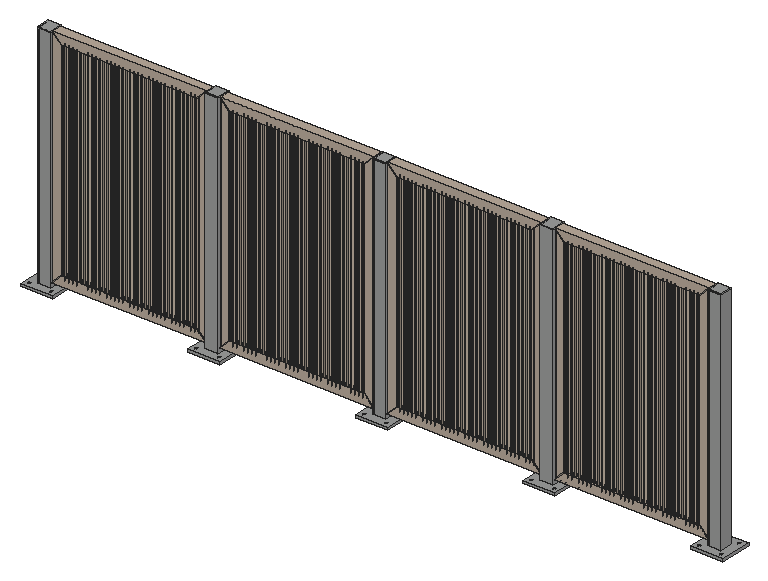
Revit family "Palmshield-Achilles-Louver-Array", category Specialty Equipment, Revit 2025
Family settings
  Round Connector Dimension = Use Diameter
  Part Type = Normal
  OmniClass Number = 23.55.00.00
  OmniClass Title = Manufactured Structures
  Enable Cutting in Views = No
  Cut with Voids When Loaded = No
  Maintain Annotation Orientation = No
  Shared = No
  Room Calculation Point = No
Parameters (values of type "Assembly")
  Warranty URL = "https://palmshieldlouvers.com/wp-content/uploads/2020/01/PalmSHIELD-Warranty-NO-SIGN-LINE.pdf"
  Version = "2020 - v1.0a"  # constant formula
  URL = "https://palmshieldlouvers.com/"
  Type Comments = ""
  Start Post [instance] = yes
  Product Page URL = "https://palmshieldlouvers.com/products/augustus-solid/"
  Product Documentation Link = "https://palmshieldlouvers.com/wp-content/uploads/2020/05/PalmSHIELD-Solid-Composite-Technical-Data-Sheet.pdf"
  Post Finish = Metal - PalmSHIELD - Dusty Grey
  Panel Width [instance] = if(Desired Panel Width > C Max Panel Width, C Max Panel Width, if(Desired Panel Width < C Min Panel Width, C Min Panel Width, Desired Panel Width))  # 4' - 0"
  Panel Height [instance] = if(Desired Panel Height > C Max Panel Height, C Max Panel Height, if(Desired Panel Height < C Min Panel Height, C Min Panel Height, Desired Panel Height))  # 6' - 0"
  Model = "Augustus - Aluminum"  # constant formula
  Manufacturer Phone Number = "531-329-4406 "  # constant formula
  Manufacturer Email = "mailto: info@palmshieldlouvers.com"
  Manufacturer Address = "12330 Cary Circle, La Vista, NE 68128"  # constant formula
  Manufacturer = "PalmSHIELD"  # constant formula
  Louver Finsh = Metal - PalmSHIELD - Grey Beige
  Keynote = "05 10 00"
  Instruction Sheet Link = "https://palmshieldlouvers.com/wp-content/uploads/2020/01/PalmSHIELD-Post-Panel-Gate-Installation-Instructions-REV-1.pdf"
  ID [instance] = "Not Assigned"
  Frame Finish = Metal - PalmSHIELD - Dusty Grey
  Filler Panel [instance] = yes
  End Post [instance] = yes
  Desired Panel Width [instance] = 4' - 0"
  Desired Panel Height [instance] = 6' - 0"
  Real Length [instance] = if(system length 1 < (C Post Width + C Min Panel Width), (C Post Width + C Min Panel Width), system length 1)  # 17' - 4"
  Description = "Augustus - Aluminum - Panel Assembly"  # constant formula
  system length 1 [instance] = 17' - 4"
  Copyright = "Copyright ©2024 The American Fence Company and PalmSHIELD. All Rights Reserved."  # constant formula
  Component Name [instance] = "Augustus - Aluminum - Panel Assembly"  # constant formula
  C Single Post [instance] = if(C Condition Double, 1 = 1, if(and(End Post, C Condition Single), 1 = 1, 1 = 0))  # no
  C Single Panel [instance] = or(C Condition Double, C Condition Single)  # no
  C Post Width [instance] = 0' - 4"  # constant formula
  C Multiple Post [instance] = (C Condition Multiple)  # yes
  C Multiple Panels [instance] = (C Condition Multiple)  # yes
  C Min Panel Width [instance] = 4' - 0"  # constant formula
  C Min Panel Height [instance] = C Min Panel Width  # 4' - 0"
  C Max Panel Width [instance] = 5' - 0"  # constant formula
  C Max Panel Height [instance] = 8' - 0"  # constant formula
  C Filler Post [instance] = and(not(C Condition Single), Filler Panel, End Post, or(C Filler Panel Width = C Min Panel Width, C Filler Panel Width > C Min Panel Width))  # yes
  C Filler Panel Width Calculated [instance] = Real Length - C Calculated Total Length - Panel Width - C Post Width  # 4' - 0"
  C Filler Panel Width [instance] = if(C Filler Panel Width Calculated < C Min Panel Width, C Min Panel Width, if(C Filler Panel Width Calculated > C Max Panel Width, C Max Panel Width, C Filler Panel Width Calculated))  # 4' - 0"
  C Filler Panel [instance] = and(not(C Condition Single), Filler Panel, or(C Filler Panel Width = C Min Panel Width, C Filler Panel Width > C Min Panel Width))  # yes
  C Condition Single [instance] = C Array Count < 1  # no
  C Condition Multiple [instance] = C Array Count > 1  # yes
  C Condition Double [instance] = C Array Count = 1  # no
  C Complete Post [instance] = and(not(C Condition Single), not(Filler Panel), End Post)  # no
  C Complete Panel [instance] = and(not(C Condition Single), not(Filler Panel))  # no
  C Calculated Total Length [instance] = if(C Array Count < 1, 0' 0", if(C Array Count = 1, C Post Width, Panel Width * (C Array Safe - 1) + C Post Width * (C Array Safe)))  # 9' - 0"
  C Calculated Filler Panel Length [instance] = if(C Array Count < 1, 0' 0", if(or(C Array Count = 2, C Array Count = 1), C Post Width, if(Filler Panel, (C Calculated Total Length - C Post Width - C Filler Panel Width), (C Calculated Total Length - C Post Width - Panel Width))))  # 4' - 8"
  C Array Safe [instance] = if(C Array Count < 2, 2, C Array Count)  # 3
  C Array Count [instance] = if(Filler Panel, roundup(((Real Length - C Min Panel Width) / (Panel Width + C Post Width)) - 1), roundup(((Real Length - (Panel Width)) / (Panel Width + C Post Width)) - 1))  # 3
  Assembly Code = "F1020100"
Reference planes (in)
  plane 1 "Center (Front/Back)": y = 0
  plane 2: z = 0
  plane 3 "Left": x = 0
  plane 4 "Right": x = 208
  plane 5 "Top": z = 72
  plane 6: x = 48
  plane 7: x = 52
  plane 8: x = 100
  plane 9: x = 104
  plane 10: x = -4
  plane 11: x = 156
  plane 12: x = 52
  plane 13: x = 204
  plane 14: x = 204
  plane 15: x = -2
  plane 16: x = 208
  plane 17: x = 206
  plane 18: x = 206
  plane 19: x = 208
  plane 20: x = 50
  plane 21: x = 102
  plane 22: y = -2
  plane 23: y = 2
Lines and regions (in)
  reference lines
    curve 1: line (0, 0, 0) -> (208, 0, 0)
Dimensions and locks (in)
  "system length 1": plane 3 "Left" to plane 4 "Right"
  "Panel Width": plane 6 to plane 3 "Left"
  "C Post Width": plane 7 to plane 6
  "Panel Width": plane 8 to plane 7
  "C Post Width": plane 9 to plane 8
  "C Post Width": plane 3 "Left" to plane 10
  "C Calculated Filler Panel Length": plane 12 to plane 10
  "C Filler Panel Width": plane 13 to plane 11
  "Panel Width": plane 14 to plane 11
  "C Calculated Total Length": plane 11 to plane 6
  equal spacing: plane 10, plane 15, plane 3 "Left"
  equal spacing: plane 16, plane 17, plane 13
  "C Post Width": plane 16 to plane 13
  equal spacing: plane 19, plane 18, plane 14
  "C Post Width": plane 19 to plane 14
  equal spacing: plane 9, plane 21, plane 8
  equal spacing: plane 7, plane 20, plane 6
  equal spacing: plane 22, plane 1 "Center (Front/Back)", plane 23
  "C Post Width": plane 22 to plane 23
  "Panel Height": plane 5 "Top" to level
  equal spacing: group 1, group 2, group 5  (x3)
  equal spacing: group 3, group 4, group 6  (x3)
  aligned and locked: plane 4 "Right" to curve 1
  aligned and locked: plane 1 "Center (Front/Back)" to curve 1
  aligned and locked: plane 3 "Left" to curve 1
  aligned and locked: level to plane 2
  aligned and locked: plane 15 to nested 1
  aligned and locked: nested 1 to plane 1 "Center (Front/Back)"
  aligned and locked: plane 3 "Left" to nested 2
  aligned and locked: nested 3 to plane 13
  aligned and locked: nested 4 to plane 14
  aligned and locked: plane 1 "Center (Front/Back)" to nested 6
  aligned and locked: plane 1 "Center (Front/Back)" to nested 5
  aligned and locked: plane 1 "Center (Front/Back)" to nested 8
  aligned and locked: plane 1 "Center (Front/Back)" to nested 9
  aligned and locked: plane 17 to nested 6
  aligned and locked: plane 18 to nested 5
  aligned and locked: plane 20 to nested 8
  aligned and locked: plane 3 "Left" to nested 7
  aligned and locked: plane 22 to nested 4
  aligned and locked: nested 2 to plane 22
  aligned and locked: plane 20 to nested 9
  aligned and locked: plane 21 to nested 13
  aligned and locked: plane 1 "Center (Front/Back)" to nested 13
  aligned and locked: nested 7 to plane 1 "Center (Front/Back)"
  aligned and locked: nested 3 to plane 1 "Center (Front/Back)"
  aligned and locked: plane 7 to nested 14
  aligned and locked: nested 14 to plane 1 "Center (Front/Back)"
Nested families (in)
  nested 1: "Screening-Louver-Assembly-Post-Palmshield-Achilles" at (-2, 0, 0), Desired Overall Height <- "Panel Height", visible <- "Start Post", Component Vis <- "Start Post", ID <- "ID", type "Assembly"
    with ID "Not Assigned", Height 6' - 0", Desired Overall Height 6' - 0", Component Vis yes, Component Name "Achilles - Square Post", C Min Height 3' - 4", C Max Height 8' - 0"
  nested 2: "Screening-Louver-Assembly-Panel-Palmshield-Achilles" at (0, -2, 0), Desired Overall Height <- "Panel Height", Desired Overall Width <- "Panel Width", visible <- "C Single Panel", Component Vis <- "C Single Panel", ID <- "ID", type ""
    with Width 4' - 0", ID "Not Assigned", Height 6' - 0", Desired Overall Width 4' - 0", Desired Overall Height 6' - 0", Desired Bottom Angle 0.00°, Component Vis no, Component Name "Achilles - Panel Assembly", C Min Width 4' - 0", C Min Height 4' - 0", C Max Width 5' - 0", C Max Height 12' - 0", C Angle 0.00°
  nested 3: "Screening-Louver-Assembly-Panel-Palmshield-Achilles" at (156, -1.5, 0), Desired Overall Height <- "Panel Height", Desired Overall Width <- "C Filler Panel Width", visible <- "C Filler Panel", Component Vis <- "C Filler Panel", ID <- "ID", type "Assembly"
    with Width 4' - 0", ID "Not Assigned", Height 6' - 0", Desired Overall Width 4' - 0", Desired Overall Height 6' - 0", Desired Bottom Angle 0.00°, Component Vis yes, Component Name "Achilles - Panel Assembly", C Min Width 4' - 0", C Min Height 4' - 0", C Max Width 5' - 0", C Max Height 12' - 0", C Angle 0.00°
  nested 4: "Screening-Louver-Assembly-Panel-Palmshield-Achilles" at (156, -2, 0), Desired Overall Height <- "Panel Height", Desired Overall Width <- "Panel Width", visible <- "C Complete Panel", Component Vis <- "C Complete Panel", ID <- "ID", type ""
    with Width 4' - 0", ID "Not Assigned", Height 6' - 0", Desired Overall Width 4' - 0", Desired Overall Height 6' - 0", Desired Bottom Angle 0.00°, Component Vis no, Component Name "Achilles - Panel Assembly", C Min Width 4' - 0", C Min Height 4' - 0", C Max Width 5' - 0", C Max Height 12' - 0", C Angle 0.00°
  nested 5: "Screening-Louver-Assembly-Post-Palmshield-Achilles" at (206, 0, 0), Desired Overall Height <- "Panel Height", visible <- "C Complete Post", Component Vis <- "C Complete Post", ID <- "ID", type ""
    with ID "Not Assigned", Height 6' - 0", Desired Overall Height 6' - 0", Component Vis no, Component Name "Achilles - Square Post", C Min Height 3' - 4", C Max Height 8' - 0"
  nested 6: "Screening-Louver-Assembly-Post-Palmshield-Achilles" at (206, 0, 0), Desired Overall Height <- "Panel Height", visible <- "C Filler Post", Component Vis <- "C Filler Post", ID <- "ID", type "Assembly"
    with ID "Not Assigned", Height 6' - 0", Desired Overall Height 6' - 0", Component Vis yes, Component Name "Achilles - Square Post", C Min Height 3' - 4", C Max Height 8' - 0"
  nested 7: "Screening-Louver-Assembly-Panel-Palmshield-Achilles" at (0, -1.5, 0), Desired Overall Height <- "Panel Height", Desired Overall Width <- "Panel Width", visible <- "C Multiple Panels", Component Vis <- "C Multiple Panels", ID <- "ID", type "Assembly"
    with Width 4' - 0", ID "Not Assigned", Height 6' - 0", Desired Overall Width 4' - 0", Desired Overall Height 6' - 0", Desired Bottom Angle 0.00°, Component Vis yes, Component Name "Achilles - Panel Assembly", C Min Width 4' - 0", C Min Height 4' - 0", C Max Width 5' - 0", C Max Height 12' - 0", C Angle 0.00°
  nested 8: "Screening-Louver-Assembly-Post-Palmshield-Achilles" at (50, 0, 0), Desired Overall Height <- "Panel Height", visible <- "C Multiple Post", Component Vis <- "C Multiple Post", ID <- "ID", type "Assembly"
    with ID "Not Assigned", Height 6' - 0", Desired Overall Height 6' - 0", Component Vis yes, Component Name "Achilles - Square Post", C Min Height 3' - 4", C Max Height 8' - 0"
  nested 9: "Screening-Louver-Assembly-Post-Palmshield-Achilles" at (50, 0, 0), Desired Overall Height <- "Panel Height", visible <- "C Single Post", Component Vis <- "C Single Post", ID <- "ID", type ""
    with ID "Not Assigned", Height 6' - 0", Desired Overall Height 6' - 0", Component Vis no, Component Name "Achilles - Square Post", C Min Height 3' - 4", C Max Height 8' - 0"
  nested 10: "Nested-Base_Plate-Palmshield-Achilles" at (-2, 0, 0), type ""
    with Material Metal - PalmSHIELD - Dusty Grey, ID "Not Assigned", Component Name "Achilles - Aluminum - Base Plate"
  nested 11: "Nested-Square_Post-Palmshield-Achilles" at (-2, 0, 0.75), type ""
    with Material Metal - PalmSHIELD - Dusty Grey, Length 5' - 11", ID "Not Assigned", Component Name "Achilles - Aluminum - Square Post"
  nested 12: "Nested-Top_Cap-Palmshield-Achilles" at (-2, 0, 71.75), type ""
    with Material Metal - PalmSHIELD - Dusty Grey, ID "Not Assigned", Component Name "Achilles - Aluminum - Square Top Cap"
  nested 13: "Screening-Louver-Assembly-Post-Palmshield-Achilles" at (102, 0, 0), Desired Overall Height <- "Panel Height", visible <- "C Multiple Post", Component Vis <- "C Multiple Post", ID <- "ID", type "Assembly"
    with ID "Not Assigned", Height 6' - 0", Desired Overall Height 6' - 0", Component Vis yes, Component Name "Achilles - Square Post", C Min Height 3' - 4", C Max Height 8' - 0"
  nested 14: "Screening-Louver-Assembly-Panel-Palmshield-Achilles" at (52, -1.5, 0), Desired Overall Height <- "Panel Height", Desired Overall Width <- "Panel Width", visible <- "C Multiple Panels", Component Vis <- "C Multiple Panels", ID <- "ID", type "Assembly"
    with Width 4' - 0", ID "Not Assigned", Height 6' - 0", Desired Overall Width 4' - 0", Desired Overall Height 6' - 0", Desired Bottom Angle 0.00°, Component Vis yes, Component Name "Achilles - Panel Assembly", C Min Width 4' - 0", C Min Height 4' - 0", C Max Width 5' - 0", C Max Height 12' - 0", C Angle 0.00°
  nested 15: "Nested-L_Frame-Palmshield-Achilles" at (156, -1.5, 72) x (0, 1, 0) z (1, 0, 0), type ""
    with Material Metal - PalmSHIELD - Grey Beige, Length 5' - 10", ID "Not Assigned", Component Name "Achilles - Aluminum - L Frame", B-Side Cut Angle 45.00°, A-Side Cut Angle 45.00°
  nested 16: "Nested-L_Frame-Palmshield-Achilles" at (204, -1.5, 2) x (0, 1, 0) z (-1, 0, 0), type ""
    with Material Metal - PalmSHIELD - Grey Beige, Length 5' - 10", ID "Not Assigned", Component Name "Achilles - Aluminum - L Frame", B-Side Cut Angle 45.00°, A-Side Cut Angle 45.00°
  nested 17: "Nested-L_Frame-Palmshield-Achilles" at (204, -1.5, 72) x (0, 1, 0) z (0, 0, -1), type ""
    with Material Metal - PalmSHIELD - Grey Beige, Length 4' - 0", ID "Not Assigned", Component Name "Achilles - Aluminum - L Frame", B-Side Cut Angle 45.00°, A-Side Cut Angle 45.00°
  nested 18: "Nested-L_Frame-Palmshield-Achilles" at (156, -1.5, 2) x (0, 1, 0) z (0, 0, 1), type ""
    with Material Metal - PalmSHIELD - Grey Beige, Length 4' - 0", ID "Not Assigned", Component Name "Achilles - Aluminum - L Frame", B-Side Cut Angle 45.00°, A-Side Cut Angle 45.00°
  nested 19: "Nested-Louvers-Palmshield-Achilles" at (159.7753, -0.01256, 3.625), type ""
    with Material Metal - PalmSHIELD - Grey Beige, Length 5' - 6 3/4", ID "", Component Name "Achilles - Aluminum - Vertical Louver"
  nested 20: "Nested-Louvers-Palmshield-Achilles" at (160.96076, -0.01256, 3.625), type ""
    with Material Metal - PalmSHIELD - Grey Beige, Length 5' - 6 3/4", ID "", Component Name "Achilles - Aluminum - Vertical Louver"
  nested 21: "Nested-Louvers-Palmshield-Achilles" at (162.14621, -0.01256, 3.625), type ""
    with Material Metal - PalmSHIELD - Grey Beige, Length 5' - 6 3/4", ID "", Component Name "Achilles - Aluminum - Vertical Louver"
  nested 22: "Nested-Louvers-Palmshield-Achilles" at (163.33167, -0.01256, 3.625), type ""
    with Material Metal - PalmSHIELD - Grey Beige, Length 5' - 6 3/4", ID "", Component Name "Achilles - Aluminum - Vertical Louver"
  nested 23: "Nested-Louvers-Palmshield-Achilles" at (164.51712, -0.01256, 3.625), type ""
    with Material Metal - PalmSHIELD - Grey Beige, Length 5' - 6 3/4", ID "", Component Name "Achilles - Aluminum - Vertical Louver"
  nested 24: "Nested-Louvers-Palmshield-Achilles" at (165.70258, -0.01256, 3.625), type ""
    with Material Metal - PalmSHIELD - Grey Beige, Length 5' - 6 3/4", ID "", Component Name "Achilles - Aluminum - Vertical Louver"
  nested 25: "Nested-Louvers-Palmshield-Achilles" at (166.88803, -0.01256, 3.625), type ""
    with Material Metal - PalmSHIELD - Grey Beige, Length 5' - 6 3/4", ID "", Component Name "Achilles - Aluminum - Vertical Louver"
  nested 26: "Nested-Louvers-Palmshield-Achilles" at (168.07349, -0.01256, 3.625), type ""
    with Material Metal - PalmSHIELD - Grey Beige, Length 5' - 6 3/4", ID "", Component Name "Achilles - Aluminum - Vertical Louver"
  nested 27: "Nested-Louvers-Palmshield-Achilles" at (169.25895, -0.01256, 3.625), type ""
    with Material Metal - PalmSHIELD - Grey Beige, Length 5' - 6 3/4", ID "", Component Name "Achilles - Aluminum - Vertical Louver"
  nested 28: "Nested-Louvers-Palmshield-Achilles" at (170.4444, -0.01256, 3.625), type ""
    with Material Metal - PalmSHIELD - Grey Beige, Length 5' - 6 3/4", ID "", Component Name "Achilles - Aluminum - Vertical Louver"
  nested 29: "Nested-Louvers-Palmshield-Achilles" at (171.62986, -0.01256, 3.625), type ""
    with Material Metal - PalmSHIELD - Grey Beige, Length 5' - 6 3/4", ID "", Component Name "Achilles - Aluminum - Vertical Louver"
  nested 30: "Nested-Louvers-Palmshield-Achilles" at (172.81531, -0.01256, 3.625), type ""
    with Material Metal - PalmSHIELD - Grey Beige, Length 5' - 6 3/4", ID "", Component Name "Achilles - Aluminum - Vertical Louver"
  nested 31: "Nested-Louvers-Palmshield-Achilles" at (174.00077, -0.01256, 3.625), type ""
    with Material Metal - PalmSHIELD - Grey Beige, Length 5' - 6 3/4", ID "", Component Name "Achilles - Aluminum - Vertical Louver"
  nested 32: "Nested-Louvers-Palmshield-Achilles" at (175.18622, -0.01256, 3.625), type ""
    with Material Metal - PalmSHIELD - Grey Beige, Length 5' - 6 3/4", ID "", Component Name "Achilles - Aluminum - Vertical Louver"
  nested 33: "Nested-Louvers-Palmshield-Achilles" at (176.37168, -0.01256, 3.625), type ""
    with Material Metal - PalmSHIELD - Grey Beige, Length 5' - 6 3/4", ID "", Component Name "Achilles - Aluminum - Vertical Louver"
  nested 34: "Nested-Louvers-Palmshield-Achilles" at (177.55714, -0.01256, 3.625), type ""
    with Material Metal - PalmSHIELD - Grey Beige, Length 5' - 6 3/4", ID "", Component Name "Achilles - Aluminum - Vertical Louver"
  nested 35: "Nested-Louvers-Palmshield-Achilles" at (178.74259, -0.01256, 3.625), type ""
    with Material Metal - PalmSHIELD - Grey Beige, Length 5' - 6 3/4", ID "", Component Name "Achilles - Aluminum - Vertical Louver"
  nested 36: "Nested-Louvers-Palmshield-Achilles" at (179.92805, -0.01256, 3.625), type ""
    with Material Metal - PalmSHIELD - Grey Beige, Length 5' - 6 3/4", ID "", Component Name "Achilles - Aluminum - Vertical Louver"
  nested 37: "Nested-Louvers-Palmshield-Achilles" at (181.1135, -0.01256, 3.625), type ""
    with Material Metal - PalmSHIELD - Grey Beige, Length 5' - 6 3/4", ID "", Component Name "Achilles - Aluminum - Vertical Louver"
  nested 38: "Nested-Louvers-Palmshield-Achilles" at (182.29896, -0.01256, 3.625), type ""
    with Material Metal - PalmSHIELD - Grey Beige, Length 5' - 6 3/4", ID "", Component Name "Achilles - Aluminum - Vertical Louver"
  nested 39: "Nested-Louvers-Palmshield-Achilles" at (183.48441, -0.01256, 3.625), type ""
    with Material Metal - PalmSHIELD - Grey Beige, Length 5' - 6 3/4", ID "", Component Name "Achilles - Aluminum - Vertical Louver"
  nested 40: "Nested-Louvers-Palmshield-Achilles" at (184.66987, -0.01256, 3.625), type ""
    with Material Metal - PalmSHIELD - Grey Beige, Length 5' - 6 3/4", ID "", Component Name "Achilles - Aluminum - Vertical Louver"
  nested 41: "Nested-Louvers-Palmshield-Achilles" at (185.85533, -0.01256, 3.625), type ""
    with Material Metal - PalmSHIELD - Grey Beige, Length 5' - 6 3/4", ID "", Component Name "Achilles - Aluminum - Vertical Louver"
  nested 42: "Nested-Louvers-Palmshield-Achilles" at (187.04078, -0.01256, 3.625), type ""
    with Material Metal - PalmSHIELD - Grey Beige, Length 5' - 6 3/4", ID "", Component Name "Achilles - Aluminum - Vertical Louver"
  nested 43: "Nested-Louvers-Palmshield-Achilles" at (188.22624, -0.01256, 3.625), type ""
    with Material Metal - PalmSHIELD - Grey Beige, Length 5' - 6 3/4", ID "", Component Name "Achilles - Aluminum - Vertical Louver"
  nested 44: "Nested-Louvers-Palmshield-Achilles" at (189.41169, -0.01256, 3.625), type ""
    with Material Metal - PalmSHIELD - Grey Beige, Length 5' - 6 3/4", ID "", Component Name "Achilles - Aluminum - Vertical Louver"
  nested 45: "Nested-Louvers-Palmshield-Achilles" at (190.59715, -0.01256, 3.625), type ""
    with Material Metal - PalmSHIELD - Grey Beige, Length 5' - 6 3/4", ID "", Component Name "Achilles - Aluminum - Vertical Louver"
  nested 46: "Nested-Louvers-Palmshield-Achilles" at (191.78261, -0.01256, 3.625), type ""
    with Material Metal - PalmSHIELD - Grey Beige, Length 5' - 6 3/4", ID "", Component Name "Achilles - Aluminum - Vertical Louver"
  nested 47: "Nested-Louvers-Palmshield-Achilles" at (192.96806, -0.01256, 3.625), type ""
    with Material Metal - PalmSHIELD - Grey Beige, Length 5' - 6 3/4", ID "", Component Name "Achilles - Aluminum - Vertical Louver"
  nested 48: "Nested-Louvers-Palmshield-Achilles" at (194.15352, -0.01256, 3.625), type ""
    with Material Metal - PalmSHIELD - Grey Beige, Length 5' - 6 3/4", ID "", Component Name "Achilles - Aluminum - Vertical Louver"
  nested 49: "Nested-Louvers-Palmshield-Achilles" at (195.33897, -0.01256, 3.625), type ""
    with Material Metal - PalmSHIELD - Grey Beige, Length 5' - 6 3/4", ID "", Component Name "Achilles - Aluminum - Vertical Louver"
  nested 50: "Nested-Louvers-Palmshield-Achilles" at (196.52443, -0.01256, 3.625), type ""
    with Material Metal - PalmSHIELD - Grey Beige, Length 5' - 6 3/4", ID "", Component Name "Achilles - Aluminum - Vertical Louver"
  nested 51: "Nested-Louvers-Palmshield-Achilles" at (197.70988, -0.01256, 3.625), type ""
    with Material Metal - PalmSHIELD - Grey Beige, Length 5' - 6 3/4", ID "", Component Name "Achilles - Aluminum - Vertical Louver"
  nested 52: "Nested-Louvers-Palmshield-Achilles" at (198.89534, -0.01256, 3.625), type ""
    with Material Metal - PalmSHIELD - Grey Beige, Length 5' - 6 3/4", ID "", Component Name "Achilles - Aluminum - Vertical Louver"
  nested 53: "Nested-Louvers-Palmshield-Achilles" at (158.58984, -0.01256, 3.625), type ""
    with Material Metal - PalmSHIELD - Grey Beige, Length 5' - 6 3/4", ID "", Component Name "Achilles - Aluminum - Vertical Louver"
  nested 54: "Nested-Louvers-Palmshield-Achilles" at (200.0808, -0.01256, 3.625), type ""
    with Material Metal - PalmSHIELD - Grey Beige, Length 5' - 6 3/4", ID "", Component Name "Achilles - Aluminum - Vertical Louver"
  nested 55: "Nested-Base_Plate-Palmshield-Achilles" at (206, 0, 0), type ""
    with Material Metal - PalmSHIELD - Dusty Grey, ID "Not Assigned", Component Name "Achilles - Aluminum - Base Plate"
  nested 56: "Nested-Square_Post-Palmshield-Achilles" at (206, 0, 0.75), type ""
    with Material Metal - PalmSHIELD - Dusty Grey, Length 5' - 11", ID "Not Assigned", Component Name "Achilles - Aluminum - Square Post"
  nested 57: "Nested-Top_Cap-Palmshield-Achilles" at (206, 0, 71.75), type ""
    with Material Metal - PalmSHIELD - Dusty Grey, ID "Not Assigned", Component Name "Achilles - Aluminum - Square Top Cap"
  nested 58: "Nested-Base_Plate-Palmshield-Achilles" at (102, 0, 0), type ""
    with Material Metal - PalmSHIELD - Dusty Grey, ID "Not Assigned", Component Name "Achilles - Aluminum - Base Plate"
  nested 59: "Nested-Square_Post-Palmshield-Achilles" at (102, 0, 0.75), type ""
    with Material Metal - PalmSHIELD - Dusty Grey, Length 5' - 11", ID "Not Assigned", Component Name "Achilles - Aluminum - Square Post"
  nested 60: "Nested-Top_Cap-Palmshield-Achilles" at (102, 0, 71.75), type ""
    with Material Metal - PalmSHIELD - Dusty Grey, ID "Not Assigned", Component Name "Achilles - Aluminum - Square Top Cap"
  nested 61: "Nested-L_Frame-Palmshield-Achilles" at (52, -1.5, 72) x (0, 1, 0) z (1, 0, 0), type ""
    with Material Metal - PalmSHIELD - Grey Beige, Length 5' - 10", ID "Not Assigned", Component Name "Achilles - Aluminum - L Frame", B-Side Cut Angle 45.00°, A-Side Cut Angle 45.00°
  nested 62: "Nested-L_Frame-Palmshield-Achilles" at (100, -1.5, 2) x (0, 1, 0) z (-1, 0, 0), type ""
    with Material Metal - PalmSHIELD - Grey Beige, Length 5' - 10", ID "Not Assigned", Component Name "Achilles - Aluminum - L Frame", B-Side Cut Angle 45.00°, A-Side Cut Angle 45.00°
  nested 63: "Nested-L_Frame-Palmshield-Achilles" at (100, -1.5, 72) x (0, 1, 0) z (0, 0, -1), type ""
    with Material Metal - PalmSHIELD - Grey Beige, Length 4' - 0", ID "Not Assigned", Component Name "Achilles - Aluminum - L Frame", B-Side Cut Angle 45.00°, A-Side Cut Angle 45.00°
  nested 64: "Nested-L_Frame-Palmshield-Achilles" at (52, -1.5, 2) x (0, 1, 0) z (0, 0, 1), type ""
    with Material Metal - PalmSHIELD - Grey Beige, Length 4' - 0", ID "Not Assigned", Component Name "Achilles - Aluminum - L Frame", B-Side Cut Angle 45.00°, A-Side Cut Angle 45.00°
  nested 65: "Nested-Louvers-Palmshield-Achilles" at (55.7753, -0.01256, 3.625), type ""
    with Material Metal - PalmSHIELD - Grey Beige, Length 5' - 6 3/4", ID "", Component Name "Achilles - Aluminum - Vertical Louver"
  nested 66: "Nested-Louvers-Palmshield-Achilles" at (56.96076, -0.01256, 3.625), type ""
    with Material Metal - PalmSHIELD - Grey Beige, Length 5' - 6 3/4", ID "", Component Name "Achilles - Aluminum - Vertical Louver"
  nested 67: "Nested-Louvers-Palmshield-Achilles" at (58.14621, -0.01256, 3.625), type ""
    with Material Metal - PalmSHIELD - Grey Beige, Length 5' - 6 3/4", ID "", Component Name "Achilles - Aluminum - Vertical Louver"
  nested 68: "Nested-Louvers-Palmshield-Achilles" at (59.33167, -0.01256, 3.625), type ""
    with Material Metal - PalmSHIELD - Grey Beige, Length 5' - 6 3/4", ID "", Component Name "Achilles - Aluminum - Vertical Louver"
  nested 69: "Nested-Louvers-Palmshield-Achilles" at (60.51712, -0.01256, 3.625), type ""
    with Material Metal - PalmSHIELD - Grey Beige, Length 5' - 6 3/4", ID "", Component Name "Achilles - Aluminum - Vertical Louver"
  nested 70: "Nested-Louvers-Palmshield-Achilles" at (61.70258, -0.01256, 3.625), type ""
    with Material Metal - PalmSHIELD - Grey Beige, Length 5' - 6 3/4", ID "", Component Name "Achilles - Aluminum - Vertical Louver"
  nested 71: "Nested-Louvers-Palmshield-Achilles" at (62.88803, -0.01256, 3.625), type ""
    with Material Metal - PalmSHIELD - Grey Beige, Length 5' - 6 3/4", ID "", Component Name "Achilles - Aluminum - Vertical Louver"
  nested 72: "Nested-Louvers-Palmshield-Achilles" at (64.07349, -0.01256, 3.625), type ""
    with Material Metal - PalmSHIELD - Grey Beige, Length 5' - 6 3/4", ID "", Component Name "Achilles - Aluminum - Vertical Louver"
  nested 73: "Nested-Louvers-Palmshield-Achilles" at (65.25895, -0.01256, 3.625), type ""
    with Material Metal - PalmSHIELD - Grey Beige, Length 5' - 6 3/4", ID "", Component Name "Achilles - Aluminum - Vertical Louver"
  nested 74: "Nested-Louvers-Palmshield-Achilles" at (66.4444, -0.01256, 3.625), type ""
    with Material Metal - PalmSHIELD - Grey Beige, Length 5' - 6 3/4", ID "", Component Name "Achilles - Aluminum - Vertical Louver"
  nested 75: "Nested-Louvers-Palmshield-Achilles" at (67.62986, -0.01256, 3.625), type ""
    with Material Metal - PalmSHIELD - Grey Beige, Length 5' - 6 3/4", ID "", Component Name "Achilles - Aluminum - Vertical Louver"
  nested 76: "Nested-Louvers-Palmshield-Achilles" at (68.81531, -0.01256, 3.625), type ""
    with Material Metal - PalmSHIELD - Grey Beige, Length 5' - 6 3/4", ID "", Component Name "Achilles - Aluminum - Vertical Louver"
  nested 77: "Nested-Louvers-Palmshield-Achilles" at (70.00077, -0.01256, 3.625), type ""
    with Material Metal - PalmSHIELD - Grey Beige, Length 5' - 6 3/4", ID "", Component Name "Achilles - Aluminum - Vertical Louver"
  nested 78: "Nested-Louvers-Palmshield-Achilles" at (71.18622, -0.01256, 3.625), type ""
    with Material Metal - PalmSHIELD - Grey Beige, Length 5' - 6 3/4", ID "", Component Name "Achilles - Aluminum - Vertical Louver"
  nested 79: "Nested-Louvers-Palmshield-Achilles" at (72.37168, -0.01256, 3.625), type ""
    with Material Metal - PalmSHIELD - Grey Beige, Length 5' - 6 3/4", ID "", Component Name "Achilles - Aluminum - Vertical Louver"
  nested 80: "Nested-Louvers-Palmshield-Achilles" at (73.55714, -0.01256, 3.625), type ""
    with Material Metal - PalmSHIELD - Grey Beige, Length 5' - 6 3/4", ID "", Component Name "Achilles - Aluminum - Vertical Louver"
  nested 81: "Nested-Louvers-Palmshield-Achilles" at (74.74259, -0.01256, 3.625), type ""
    with Material Metal - PalmSHIELD - Grey Beige, Length 5' - 6 3/4", ID "", Component Name "Achilles - Aluminum - Vertical Louver"
  nested 82: "Nested-Louvers-Palmshield-Achilles" at (75.92805, -0.01256, 3.625), type ""
    with Material Metal - PalmSHIELD - Grey Beige, Length 5' - 6 3/4", ID "", Component Name "Achilles - Aluminum - Vertical Louver"
  nested 83: "Nested-Louvers-Palmshield-Achilles" at (77.1135, -0.01256, 3.625), type ""
    with Material Metal - PalmSHIELD - Grey Beige, Length 5' - 6 3/4", ID "", Component Name "Achilles - Aluminum - Vertical Louver"
  nested 84: "Nested-Louvers-Palmshield-Achilles" at (78.29896, -0.01256, 3.625), type ""
    with Material Metal - PalmSHIELD - Grey Beige, Length 5' - 6 3/4", ID "", Component Name "Achilles - Aluminum - Vertical Louver"
  nested 85: "Nested-Louvers-Palmshield-Achilles" at (79.48441, -0.01256, 3.625), type ""
    with Material Metal - PalmSHIELD - Grey Beige, Length 5' - 6 3/4", ID "", Component Name "Achilles - Aluminum - Vertical Louver"
  nested 86: "Nested-Louvers-Palmshield-Achilles" at (80.66987, -0.01256, 3.625), type ""
    with Material Metal - PalmSHIELD - Grey Beige, Length 5' - 6 3/4", ID "", Component Name "Achilles - Aluminum - Vertical Louver"
  nested 87: "Nested-Louvers-Palmshield-Achilles" at (81.85533, -0.01256, 3.625), type ""
    with Material Metal - PalmSHIELD - Grey Beige, Length 5' - 6 3/4", ID "", Component Name "Achilles - Aluminum - Vertical Louver"
  nested 88: "Nested-Louvers-Palmshield-Achilles" at (83.04078, -0.01256, 3.625), type ""
    with Material Metal - PalmSHIELD - Grey Beige, Length 5' - 6 3/4", ID "", Component Name "Achilles - Aluminum - Vertical Louver"
  nested 89: "Nested-Louvers-Palmshield-Achilles" at (84.22624, -0.01256, 3.625), type ""
    with Material Metal - PalmSHIELD - Grey Beige, Length 5' - 6 3/4", ID "", Component Name "Achilles - Aluminum - Vertical Louver"
  nested 90: "Nested-Louvers-Palmshield-Achilles" at (85.41169, -0.01256, 3.625), type ""
    with Material Metal - PalmSHIELD - Grey Beige, Length 5' - 6 3/4", ID "", Component Name "Achilles - Aluminum - Vertical Louver"
  nested 91: "Nested-Louvers-Palmshield-Achilles" at (86.59715, -0.01256, 3.625), type ""
    with Material Metal - PalmSHIELD - Grey Beige, Length 5' - 6 3/4", ID "", Component Name "Achilles - Aluminum - Vertical Louver"
  nested 92: "Nested-Louvers-Palmshield-Achilles" at (87.78261, -0.01256, 3.625), type ""
    with Material Metal - PalmSHIELD - Grey Beige, Length 5' - 6 3/4", ID "", Component Name "Achilles - Aluminum - Vertical Louver"
  nested 93: "Nested-Louvers-Palmshield-Achilles" at (88.96806, -0.01256, 3.625), type ""
    with Material Metal - PalmSHIELD - Grey Beige, Length 5' - 6 3/4", ID "", Component Name "Achilles - Aluminum - Vertical Louver"
  nested 94: "Nested-Louvers-Palmshield-Achilles" at (90.15352, -0.01256, 3.625), type ""
    with Material Metal - PalmSHIELD - Grey Beige, Length 5' - 6 3/4", ID "", Component Name "Achilles - Aluminum - Vertical Louver"
  nested 95: "Nested-Louvers-Palmshield-Achilles" at (91.33897, -0.01256, 3.625), type ""
    with Material Metal - PalmSHIELD - Grey Beige, Length 5' - 6 3/4", ID "", Component Name "Achilles - Aluminum - Vertical Louver"
  nested 96: "Nested-Louvers-Palmshield-Achilles" at (92.52443, -0.01256, 3.625), type ""
    with Material Metal - PalmSHIELD - Grey Beige, Length 5' - 6 3/4", ID "", Component Name "Achilles - Aluminum - Vertical Louver"
  nested 97: "Nested-Louvers-Palmshield-Achilles" at (93.70988, -0.01256, 3.625), type ""
    with Material Metal - PalmSHIELD - Grey Beige, Length 5' - 6 3/4", ID "", Component Name "Achilles - Aluminum - Vertical Louver"
  nested 98: "Nested-Louvers-Palmshield-Achilles" at (94.89534, -0.01256, 3.625), type ""
    with Material Metal - PalmSHIELD - Grey Beige, Length 5' - 6 3/4", ID "", Component Name "Achilles - Aluminum - Vertical Louver"
  nested 99: "Nested-Louvers-Palmshield-Achilles" at (54.58984, -0.01256, 3.625), type ""
    with Material Metal - PalmSHIELD - Grey Beige, Length 5' - 6 3/4", ID "", Component Name "Achilles - Aluminum - Vertical Louver"
  nested 100: "Nested-Louvers-Palmshield-Achilles" at (96.0808, -0.01256, 3.625), type ""
    with Material Metal - PalmSHIELD - Grey Beige, Length 5' - 6 3/4", ID "", Component Name "Achilles - Aluminum - Vertical Louver"
  nested 101: "Nested-L_Frame-Palmshield-Achilles" at (0, -1.5, 72) x (0, 1, 0) z (1, 0, 0), type ""
    with Material Metal - PalmSHIELD - Grey Beige, Length 5' - 10", ID "Not Assigned", Component Name "Achilles - Aluminum - L Frame", B-Side Cut Angle 45.00°, A-Side Cut Angle 45.00°
  nested 102: "Nested-L_Frame-Palmshield-Achilles" at (48, -1.5, 2) x (0, 1, 0) z (-1, 0, 0), type ""
    with Material Metal - PalmSHIELD - Grey Beige, Length 5' - 10", ID "Not Assigned", Component Name "Achilles - Aluminum - L Frame", B-Side Cut Angle 45.00°, A-Side Cut Angle 45.00°
  nested 103: "Nested-L_Frame-Palmshield-Achilles" at (48, -1.5, 72) x (0, 1, 0) z (0, 0, -1), type ""
    with Material Metal - PalmSHIELD - Grey Beige, Length 4' - 0", ID "Not Assigned", Component Name "Achilles - Aluminum - L Frame", B-Side Cut Angle 45.00°, A-Side Cut Angle 45.00°
  nested 104: "Nested-L_Frame-Palmshield-Achilles" at (0, -1.5, 2) x (0, 1, 0) z (0, 0, 1), type ""
    with Material Metal - PalmSHIELD - Grey Beige, Length 4' - 0", ID "Not Assigned", Component Name "Achilles - Aluminum - L Frame", B-Side Cut Angle 45.00°, A-Side Cut Angle 45.00°
  nested 105: "Nested-Louvers-Palmshield-Achilles" at (3.7753, -0.01256, 3.625), type ""
    with Material Metal - PalmSHIELD - Grey Beige, Length 5' - 6 3/4", ID "", Component Name "Achilles - Aluminum - Vertical Louver"
  nested 106: "Nested-Louvers-Palmshield-Achilles" at (4.96076, -0.01256, 3.625), type ""
    with Material Metal - PalmSHIELD - Grey Beige, Length 5' - 6 3/4", ID "", Component Name "Achilles - Aluminum - Vertical Louver"
  nested 107: "Nested-Louvers-Palmshield-Achilles" at (6.14621, -0.01256, 3.625), type ""
    with Material Metal - PalmSHIELD - Grey Beige, Length 5' - 6 3/4", ID "", Component Name "Achilles - Aluminum - Vertical Louver"
  nested 108: "Nested-Louvers-Palmshield-Achilles" at (7.33167, -0.01256, 3.625), type ""
    with Material Metal - PalmSHIELD - Grey Beige, Length 5' - 6 3/4", ID "", Component Name "Achilles - Aluminum - Vertical Louver"
  nested 109: "Nested-Louvers-Palmshield-Achilles" at (8.51712, -0.01256, 3.625), type ""
    with Material Metal - PalmSHIELD - Grey Beige, Length 5' - 6 3/4", ID "", Component Name "Achilles - Aluminum - Vertical Louver"
  nested 110: "Nested-Louvers-Palmshield-Achilles" at (9.70258, -0.01256, 3.625), type ""
    with Material Metal - PalmSHIELD - Grey Beige, Length 5' - 6 3/4", ID "", Component Name "Achilles - Aluminum - Vertical Louver"
  nested 111: "Nested-Louvers-Palmshield-Achilles" at (10.88803, -0.01256, 3.625), type ""
    with Material Metal - PalmSHIELD - Grey Beige, Length 5' - 6 3/4", ID "", Component Name "Achilles - Aluminum - Vertical Louver"
  nested 112: "Nested-Louvers-Palmshield-Achilles" at (12.07349, -0.01256, 3.625), type ""
    with Material Metal - PalmSHIELD - Grey Beige, Length 5' - 6 3/4", ID "", Component Name "Achilles - Aluminum - Vertical Louver"
  nested 113: "Nested-Louvers-Palmshield-Achilles" at (13.25895, -0.01256, 3.625), type ""
    with Material Metal - PalmSHIELD - Grey Beige, Length 5' - 6 3/4", ID "", Component Name "Achilles - Aluminum - Vertical Louver"
  nested 114: "Nested-Louvers-Palmshield-Achilles" at (14.4444, -0.01256, 3.625), type ""
    with Material Metal - PalmSHIELD - Grey Beige, Length 5' - 6 3/4", ID "", Component Name "Achilles - Aluminum - Vertical Louver"
  nested 115: "Nested-Louvers-Palmshield-Achilles" at (15.62986, -0.01256, 3.625), type ""
    with Material Metal - PalmSHIELD - Grey Beige, Length 5' - 6 3/4", ID "", Component Name "Achilles - Aluminum - Vertical Louver"
  nested 116: "Nested-Louvers-Palmshield-Achilles" at (16.81531, -0.01256, 3.625), type ""
    with Material Metal - PalmSHIELD - Grey Beige, Length 5' - 6 3/4", ID "", Component Name "Achilles - Aluminum - Vertical Louver"
  nested 117: "Nested-Louvers-Palmshield-Achilles" at (18.00077, -0.01256, 3.625), type ""
    with Material Metal - PalmSHIELD - Grey Beige, Length 5' - 6 3/4", ID "", Component Name "Achilles - Aluminum - Vertical Louver"
  nested 118: "Nested-Louvers-Palmshield-Achilles" at (19.18622, -0.01256, 3.625), type ""
    with Material Metal - PalmSHIELD - Grey Beige, Length 5' - 6 3/4", ID "", Component Name "Achilles - Aluminum - Vertical Louver"
  nested 119: "Nested-Louvers-Palmshield-Achilles" at (20.37168, -0.01256, 3.625), type ""
    with Material Metal - PalmSHIELD - Grey Beige, Length 5' - 6 3/4", ID "", Component Name "Achilles - Aluminum - Vertical Louver"
  nested 120: "Nested-Louvers-Palmshield-Achilles" at (21.55714, -0.01256, 3.625), type ""
    with Material Metal - PalmSHIELD - Grey Beige, Length 5' - 6 3/4", ID "", Component Name "Achilles - Aluminum - Vertical Louver"
  nested 121: "Nested-Louvers-Palmshield-Achilles" at (22.74259, -0.01256, 3.625), type ""
    with Material Metal - PalmSHIELD - Grey Beige, Length 5' - 6 3/4", ID "", Component Name "Achilles - Aluminum - Vertical Louver"
  nested 122: "Nested-Louvers-Palmshield-Achilles" at (23.92805, -0.01256, 3.625), type ""
    with Material Metal - PalmSHIELD - Grey Beige, Length 5' - 6 3/4", ID "", Component Name "Achilles - Aluminum - Vertical Louver"
  nested 123: "Nested-Louvers-Palmshield-Achilles" at (25.1135, -0.01256, 3.625), type ""
    with Material Metal - PalmSHIELD - Grey Beige, Length 5' - 6 3/4", ID "", Component Name "Achilles - Aluminum - Vertical Louver"
  nested 124: "Nested-Louvers-Palmshield-Achilles" at (26.29896, -0.01256, 3.625), type ""
    with Material Metal - PalmSHIELD - Grey Beige, Length 5' - 6 3/4", ID "", Component Name "Achilles - Aluminum - Vertical Louver"
  nested 125: "Nested-Louvers-Palmshield-Achilles" at (27.48441, -0.01256, 3.625), type ""
    with Material Metal - PalmSHIELD - Grey Beige, Length 5' - 6 3/4", ID "", Component Name "Achilles - Aluminum - Vertical Louver"
  nested 126: "Nested-Louvers-Palmshield-Achilles" at (28.66987, -0.01256, 3.625), type ""
    with Material Metal - PalmSHIELD - Grey Beige, Length 5' - 6 3/4", ID "", Component Name "Achilles - Aluminum - Vertical Louver"
  nested 127: "Nested-Louvers-Palmshield-Achilles" at (29.85533, -0.01256, 3.625), type ""
    with Material Metal - PalmSHIELD - Grey Beige, Length 5' - 6 3/4", ID "", Component Name "Achilles - Aluminum - Vertical Louver"
  nested 128: "Nested-Louvers-Palmshield-Achilles" at (31.04078, -0.01256, 3.625), type ""
    with Material Metal - PalmSHIELD - Grey Beige, Length 5' - 6 3/4", ID "", Component Name "Achilles - Aluminum - Vertical Louver"
  nested 129: "Nested-Louvers-Palmshield-Achilles" at (32.22624, -0.01256, 3.625), type ""
    with Material Metal - PalmSHIELD - Grey Beige, Length 5' - 6 3/4", ID "", Component Name "Achilles - Aluminum - Vertical Louver"
  nested 130: "Nested-Louvers-Palmshield-Achilles" at (33.41169, -0.01256, 3.625), type ""
    with Material Metal - PalmSHIELD - Grey Beige, Length 5' - 6 3/4", ID "", Component Name "Achilles - Aluminum - Vertical Louver"
  nested 131: "Nested-Louvers-Palmshield-Achilles" at (34.59715, -0.01256, 3.625), type ""
    with Material Metal - PalmSHIELD - Grey Beige, Length 5' - 6 3/4", ID "", Component Name "Achilles - Aluminum - Vertical Louver"
  nested 132: "Nested-Louvers-Palmshield-Achilles" at (35.78261, -0.01256, 3.625), type ""
    with Material Metal - PalmSHIELD - Grey Beige, Length 5' - 6 3/4", ID "", Component Name "Achilles - Aluminum - Vertical Louver"
  nested 133: "Nested-Louvers-Palmshield-Achilles" at (36.96806, -0.01256, 3.625), type ""
    with Material Metal - PalmSHIELD - Grey Beige, Length 5' - 6 3/4", ID "", Component Name "Achilles - Aluminum - Vertical Louver"
  nested 134: "Nested-Louvers-Palmshield-Achilles" at (38.15352, -0.01256, 3.625), type ""
    with Material Metal - PalmSHIELD - Grey Beige, Length 5' - 6 3/4", ID "", Component Name "Achilles - Aluminum - Vertical Louver"
  nested 135: "Nested-Louvers-Palmshield-Achilles" at (39.33897, -0.01256, 3.625), type ""
    with Material Metal - PalmSHIELD - Grey Beige, Length 5' - 6 3/4", ID "", Component Name "Achilles - Aluminum - Vertical Louver"
  nested 136: "Nested-Louvers-Palmshield-Achilles" at (40.52443, -0.01256, 3.625), type ""
    with Material Metal - PalmSHIELD - Grey Beige, Length 5' - 6 3/4", ID "", Component Name "Achilles - Aluminum - Vertical Louver"
  nested 137: "Nested-Louvers-Palmshield-Achilles" at (41.70988, -0.01256, 3.625), type ""
    with Material Metal - PalmSHIELD - Grey Beige, Length 5' - 6 3/4", ID "", Component Name "Achilles - Aluminum - Vertical Louver"
  nested 138: "Nested-Louvers-Palmshield-Achilles" at (42.89534, -0.01256, 3.625), type ""
    with Material Metal - PalmSHIELD - Grey Beige, Length 5' - 6 3/4", ID "", Component Name "Achilles - Aluminum - Vertical Louver"
  nested 139: "Nested-Louvers-Palmshield-Achilles" at (2.58984, -0.01256, 3.625), type ""
    with Material Metal - PalmSHIELD - Grey Beige, Length 5' - 6 3/4", ID "", Component Name "Achilles - Aluminum - Vertical Louver"
  nested 140: "Nested-Louvers-Palmshield-Achilles" at (44.0808, -0.01256, 3.625), type ""
    with Material Metal - PalmSHIELD - Grey Beige, Length 5' - 6 3/4", ID "", Component Name "Achilles - Aluminum - Vertical Louver"
  nested 141: "Nested-Base_Plate-Palmshield-Achilles" at (50, 0, 0), type ""
    with Material Metal - PalmSHIELD - Dusty Grey, ID "Not Assigned", Component Name "Achilles - Aluminum - Base Plate"
  nested 142: "Nested-Square_Post-Palmshield-Achilles" at (50, 0, 0.75), type ""
    with Material Metal - PalmSHIELD - Dusty Grey, Length 5' - 11", ID "Not Assigned", Component Name "Achilles - Aluminum - Square Post"
  nested 143: "Nested-Top_Cap-Palmshield-Achilles" at (50, 0, 71.75), type ""
    with Material Metal - PalmSHIELD - Dusty Grey, ID "Not Assigned", Component Name "Achilles - Aluminum - Square Top Cap"
  nested 144: "Screening-Louver-Assembly-Post-Palmshield-Achilles" at (154, 0, 0), Desired Overall Height <- "Panel Height", visible <- "C Multiple Post", Component Vis <- "C Multiple Post", ID <- "ID", type "Assembly"
    with ID "Not Assigned", Height 6' - 0", Desired Overall Height 6' - 0", Component Vis yes, Component Name "Achilles - Square Post", C Min Height 3' - 4", C Max Height 8' - 0"
  nested 145: "Nested-Base_Plate-Palmshield-Achilles" at (154, 0, 0), type ""
    with Material Metal - PalmSHIELD - Dusty Grey, ID "Not Assigned", Component Name "Achilles - Aluminum - Base Plate"
  nested 146: "Nested-Square_Post-Palmshield-Achilles" at (154, 0, 0.75), type ""
    with Material Metal - PalmSHIELD - Dusty Grey, Length 5' - 11", ID "Not Assigned", Component Name "Achilles - Aluminum - Square Post"
  nested 147: "Nested-Top_Cap-Palmshield-Achilles" at (154, 0, 71.75), type ""
    with Material Metal - PalmSHIELD - Dusty Grey, ID "Not Assigned", Component Name "Achilles - Aluminum - Square Top Cap"
  nested 148: "Screening-Louver-Assembly-Panel-Palmshield-Achilles" at (104, -1.5, 0), Desired Overall Height <- "Panel Height", Desired Overall Width <- "Panel Width", visible <- "C Multiple Panels", Component Vis <- "C Multiple Panels", ID <- "ID", type "Assembly"
    with Width 4' - 0", ID "Not Assigned", Height 6' - 0", Desired Overall Width 4' - 0", Desired Overall Height 6' - 0", Desired Bottom Angle 0.00°, Component Vis yes, Component Name "Achilles - Panel Assembly", C Min Width 4' - 0", C Min Height 4' - 0", C Max Width 5' - 0", C Max Height 12' - 0", C Angle 0.00°
  nested 149: "Nested-L_Frame-Palmshield-Achilles" at (104, -1.5, 72) x (0, 1, 0) z (1, 0, 0), type ""
    with Material Metal - PalmSHIELD - Grey Beige, Length 5' - 10", ID "Not Assigned", Component Name "Achilles - Aluminum - L Frame", B-Side Cut Angle 45.00°, A-Side Cut Angle 45.00°
  nested 150: "Nested-L_Frame-Palmshield-Achilles" at (152, -1.5, 2) x (0, 1, 0) z (-1, 0, 0), type ""
    with Material Metal - PalmSHIELD - Grey Beige, Length 5' - 10", ID "Not Assigned", Component Name "Achilles - Aluminum - L Frame", B-Side Cut Angle 45.00°, A-Side Cut Angle 45.00°
  nested 151: "Nested-L_Frame-Palmshield-Achilles" at (152, -1.5, 72) x (0, 1, 0) z (0, 0, -1), type ""
    with Material Metal - PalmSHIELD - Grey Beige, Length 4' - 0", ID "Not Assigned", Component Name "Achilles - Aluminum - L Frame", B-Side Cut Angle 45.00°, A-Side Cut Angle 45.00°
  nested 152: "Nested-L_Frame-Palmshield-Achilles" at (104, -1.5, 2) x (0, 1, 0) z (0, 0, 1), type ""
    with Material Metal - PalmSHIELD - Grey Beige, Length 4' - 0", ID "Not Assigned", Component Name "Achilles - Aluminum - L Frame", B-Side Cut Angle 45.00°, A-Side Cut Angle 45.00°
  nested 153: "Nested-Louvers-Palmshield-Achilles" at (107.7753, -0.01256, 3.625), type ""
    with Material Metal - PalmSHIELD - Grey Beige, Length 5' - 6 3/4", ID "", Component Name "Achilles - Aluminum - Vertical Louver"
  nested 154: "Nested-Louvers-Palmshield-Achilles" at (108.96076, -0.01256, 3.625), type ""
    with Material Metal - PalmSHIELD - Grey Beige, Length 5' - 6 3/4", ID "", Component Name "Achilles - Aluminum - Vertical Louver"
  nested 155: "Nested-Louvers-Palmshield-Achilles" at (110.14621, -0.01256, 3.625), type ""
    with Material Metal - PalmSHIELD - Grey Beige, Length 5' - 6 3/4", ID "", Component Name "Achilles - Aluminum - Vertical Louver"
  nested 156: "Nested-Louvers-Palmshield-Achilles" at (111.33167, -0.01256, 3.625), type ""
    with Material Metal - PalmSHIELD - Grey Beige, Length 5' - 6 3/4", ID "", Component Name "Achilles - Aluminum - Vertical Louver"
  nested 157: "Nested-Louvers-Palmshield-Achilles" at (112.51712, -0.01256, 3.625), type ""
    with Material Metal - PalmSHIELD - Grey Beige, Length 5' - 6 3/4", ID "", Component Name "Achilles - Aluminum - Vertical Louver"
  nested 158: "Nested-Louvers-Palmshield-Achilles" at (113.70258, -0.01256, 3.625), type ""
    with Material Metal - PalmSHIELD - Grey Beige, Length 5' - 6 3/4", ID "", Component Name "Achilles - Aluminum - Vertical Louver"
  nested 159: "Nested-Louvers-Palmshield-Achilles" at (114.88803, -0.01256, 3.625), type ""
    with Material Metal - PalmSHIELD - Grey Beige, Length 5' - 6 3/4", ID "", Component Name "Achilles - Aluminum - Vertical Louver"
  nested 160: "Nested-Louvers-Palmshield-Achilles" at (116.07349, -0.01256, 3.625), type ""
    with Material Metal - PalmSHIELD - Grey Beige, Length 5' - 6 3/4", ID "", Component Name "Achilles - Aluminum - Vertical Louver"
  nested 161: "Nested-Louvers-Palmshield-Achilles" at (117.25895, -0.01256, 3.625), type ""
    with Material Metal - PalmSHIELD - Grey Beige, Length 5' - 6 3/4", ID "", Component Name "Achilles - Aluminum - Vertical Louver"
  nested 162: "Nested-Louvers-Palmshield-Achilles" at (118.4444, -0.01256, 3.625), type ""
    with Material Metal - PalmSHIELD - Grey Beige, Length 5' - 6 3/4", ID "", Component Name "Achilles - Aluminum - Vertical Louver"
  nested 163: "Nested-Louvers-Palmshield-Achilles" at (119.62986, -0.01256, 3.625), type ""
    with Material Metal - PalmSHIELD - Grey Beige, Length 5' - 6 3/4", ID "", Component Name "Achilles - Aluminum - Vertical Louver"
  nested 164: "Nested-Louvers-Palmshield-Achilles" at (120.81531, -0.01256, 3.625), type ""
    with Material Metal - PalmSHIELD - Grey Beige, Length 5' - 6 3/4", ID "", Component Name "Achilles - Aluminum - Vertical Louver"
  nested 165: "Nested-Louvers-Palmshield-Achilles" at (122.00077, -0.01256, 3.625), type ""
    with Material Metal - PalmSHIELD - Grey Beige, Length 5' - 6 3/4", ID "", Component Name "Achilles - Aluminum - Vertical Louver"
  nested 166: "Nested-Louvers-Palmshield-Achilles" at (123.18622, -0.01256, 3.625), type ""
    with Material Metal - PalmSHIELD - Grey Beige, Length 5' - 6 3/4", ID "", Component Name "Achilles - Aluminum - Vertical Louver"
  nested 167: "Nested-Louvers-Palmshield-Achilles" at (124.37168, -0.01256, 3.625), type ""
    with Material Metal - PalmSHIELD - Grey Beige, Length 5' - 6 3/4", ID "", Component Name "Achilles - Aluminum - Vertical Louver"
  nested 168: "Nested-Louvers-Palmshield-Achilles" at (125.55714, -0.01256, 3.625), type ""
    with Material Metal - PalmSHIELD - Grey Beige, Length 5' - 6 3/4", ID "", Component Name "Achilles - Aluminum - Vertical Louver"
  nested 169: "Nested-Louvers-Palmshield-Achilles" at (126.74259, -0.01256, 3.625), type ""
    with Material Metal - PalmSHIELD - Grey Beige, Length 5' - 6 3/4", ID "", Component Name "Achilles - Aluminum - Vertical Louver"
  nested 170: "Nested-Louvers-Palmshield-Achilles" at (127.92805, -0.01256, 3.625), type ""
    with Material Metal - PalmSHIELD - Grey Beige, Length 5' - 6 3/4", ID "", Component Name "Achilles - Aluminum - Vertical Louver"
  nested 171: "Nested-Louvers-Palmshield-Achilles" at (129.1135, -0.01256, 3.625), type ""
    with Material Metal - PalmSHIELD - Grey Beige, Length 5' - 6 3/4", ID "", Component Name "Achilles - Aluminum - Vertical Louver"
  nested 172: "Nested-Louvers-Palmshield-Achilles" at (130.29896, -0.01256, 3.625), type ""
    with Material Metal - PalmSHIELD - Grey Beige, Length 5' - 6 3/4", ID "", Component Name "Achilles - Aluminum - Vertical Louver"
  nested 173: "Nested-Louvers-Palmshield-Achilles" at (131.48441, -0.01256, 3.625), type ""
    with Material Metal - PalmSHIELD - Grey Beige, Length 5' - 6 3/4", ID "", Component Name "Achilles - Aluminum - Vertical Louver"
  nested 174: "Nested-Louvers-Palmshield-Achilles" at (132.66987, -0.01256, 3.625), type ""
    with Material Metal - PalmSHIELD - Grey Beige, Length 5' - 6 3/4", ID "", Component Name "Achilles - Aluminum - Vertical Louver"
  nested 175: "Nested-Louvers-Palmshield-Achilles" at (133.85533, -0.01256, 3.625), type ""
    with Material Metal - PalmSHIELD - Grey Beige, Length 5' - 6 3/4", ID "", Component Name "Achilles - Aluminum - Vertical Louver"
  nested 176: "Nested-Louvers-Palmshield-Achilles" at (135.04078, -0.01256, 3.625), type ""
    with Material Metal - PalmSHIELD - Grey Beige, Length 5' - 6 3/4", ID "", Component Name "Achilles - Aluminum - Vertical Louver"
  nested 177: "Nested-Louvers-Palmshield-Achilles" at (136.22624, -0.01256, 3.625), type ""
    with Material Metal - PalmSHIELD - Grey Beige, Length 5' - 6 3/4", ID "", Component Name "Achilles - Aluminum - Vertical Louver"
  nested 178: "Nested-Louvers-Palmshield-Achilles" at (137.41169, -0.01256, 3.625), type ""
    with Material Metal - PalmSHIELD - Grey Beige, Length 5' - 6 3/4", ID "", Component Name "Achilles - Aluminum - Vertical Louver"
  nested 179: "Nested-Louvers-Palmshield-Achilles" at (138.59715, -0.01256, 3.625), type ""
    with Material Metal - PalmSHIELD - Grey Beige, Length 5' - 6 3/4", ID "", Component Name "Achilles - Aluminum - Vertical Louver"
  nested 180: "Nested-Louvers-Palmshield-Achilles" at (139.78261, -0.01256, 3.625), type ""
    with Material Metal - PalmSHIELD - Grey Beige, Length 5' - 6 3/4", ID "", Component Name "Achilles - Aluminum - Vertical Louver"
  nested 181: "Nested-Louvers-Palmshield-Achilles" at (140.96806, -0.01256, 3.625), type ""
    with Material Metal - PalmSHIELD - Grey Beige, Length 5' - 6 3/4", ID "", Component Name "Achilles - Aluminum - Vertical Louver"
  nested 182: "Nested-Louvers-Palmshield-Achilles" at (142.15352, -0.01256, 3.625), type ""
    with Material Metal - PalmSHIELD - Grey Beige, Length 5' - 6 3/4", ID "", Component Name "Achilles - Aluminum - Vertical Louver"
  nested 183: "Nested-Louvers-Palmshield-Achilles" at (143.33897, -0.01256, 3.625), type ""
    with Material Metal - PalmSHIELD - Grey Beige, Length 5' - 6 3/4", ID "", Component Name "Achilles - Aluminum - Vertical Louver"
  nested 184: "Nested-Louvers-Palmshield-Achilles" at (144.52443, -0.01256, 3.625), type ""
    with Material Metal - PalmSHIELD - Grey Beige, Length 5' - 6 3/4", ID "", Component Name "Achilles - Aluminum - Vertical Louver"
  nested 185: "Nested-Louvers-Palmshield-Achilles" at (145.70988, -0.01256, 3.625), type ""
    with Material Metal - PalmSHIELD - Grey Beige, Length 5' - 6 3/4", ID "", Component Name "Achilles - Aluminum - Vertical Louver"
  nested 186: "Nested-Louvers-Palmshield-Achilles" at (146.89534, -0.01256, 3.625), type ""
    with Material Metal - PalmSHIELD - Grey Beige, Length 5' - 6 3/4", ID "", Component Name "Achilles - Aluminum - Vertical Louver"
  nested 187: "Nested-Louvers-Palmshield-Achilles" at (106.58984, -0.01256, 3.625), type ""
    with Material Metal - PalmSHIELD - Grey Beige, Length 5' - 6 3/4", ID "", Component Name "Achilles - Aluminum - Vertical Louver"
  nested 188: "Nested-Louvers-Palmshield-Achilles" at (148.0808, -0.01256, 3.625), type ""
    with Material Metal - PalmSHIELD - Grey Beige, Length 5' - 6 3/4", ID "", Component Name "Achilles - Aluminum - Vertical Louver"
Definition of nested family "Nested-Base_Plate-Palmshield-Achilles"
  Parameters (values of type "10" x 10" x 3/4"")
    Width = 0' - 10"  # constant formula
    Warranty URL = "https://palmshieldlouvers.com/wp-content/uploads/2020/01/PalmSHIELD-Warranty-NO-SIGN-LINE.pdf"
    Version = "2020 - v1.0a"  # constant formula
    URL = "https://palmshieldlouvers.com/"
    Thickness = 0' - 0 3/4"  # constant formula
    Product Page URL = "https://palmshieldlouvers.com/products/achilles-louver/"
    Product Documentation Link = "https://palmshieldlouvers.com/wp-content/uploads/2022/10/PalmSHIELD-Horizontal-Louvers-Technical-Data-Sheets-updated-100722.pdf"
    Model = "Achilles"  # constant formula
    Material [instance] = none
    Manufacturer Phone Number = "531-329-4406 "  # constant formula
    Manufacturer Fax Number = "Consult Manufacturer Website for More Information"  # constant formula
    Manufacturer Email = "mailto: info@palmshieldlouvers.com"
    Manufacturer Address = "12330 Cary Circle, La Vista, NE 68128"  # constant formula
    Manufacturer = "PalmSHIELD"  # constant formula
    Keynote = "05 10 00"
    Instruction Sheet Link = "https://palmshieldlouvers.com/wp-content/uploads/2020/01/PalmSHIELD-Post-Panel-Gate-Installation-Instructions-REV-1.pdf"
    ID [instance] = ""
    Hole Diameter = 0' - 0 3/4"  # constant formula
    Description = "Achilles - Base Plate"  # constant formula
    Default Elevation = 4' - 0"
    Copyright = "Copyright ©2024 The American Fence Company and PalmSHIELD. All Rights Reserved."  # constant formula
    Component Name [instance] = "Achilles - Aluminum - Base Plate"  # constant formula
    C Hole Offset = 0' - 1 1/2"  # constant formula
    Assembly Code = "F1020100"
  Reference planes (in)
    plane 1 "Center (Front/Back)": y = 0
    plane 2: z = 0
    plane 3 "Center (Left/Right)": x = 0
    plane 4: y = 5
    plane 5: x = 5
    plane 6: y = -5
    plane 7: x = -5
    plane 8: z = 0.75
  Forms (in)
    Extrusion 1, solid
      sketch origin (0, 0, 0) x (1, 0, 0) y (0, 1, 0)
        loop
          line (-48, 48) -> (-48, -48) -> (48, -48) -> (48, 48) -> (-48, 48)
      from 0 to -12
    Extrusion 2, solid, material <- "Material"
      sketch origin (0, 0, 0) x (1, 0, 0) y (0, 1, 0)
        loop
          line (-5, 5) -> (-5, -5) -> (5, -5) -> (5, 5) -> (-5, 5)
        loop
          circle (-3.5, 3.5) r 0.375
        loop
          circle (3.5, 3.5) r 0.375
        loop
          circle (-3.5, -3.5) r 0.375
        loop
          circle (3.5, -3.5) r 0.375
      from 0 to 0.75
  Dimensions and locks (in)
    equal spacing: plane 7, plane 3 "Center (Left/Right)", plane 5
    equal spacing: plane 4, plane 1 "Center (Front/Back)", plane 6
    "Width": plane 7 to plane 5
    "Width": plane 4 to plane 6
    "C Hole Offset": plane 7 to Extrusion 2 sketch curve  (x2)
    "C Hole Offset": Extrusion 2 sketch curve to plane 5  (x2)
    "C Hole Offset": plane 4 to Extrusion 2 sketch curve  (x2)
    "C Hole Offset": plane 6 to Extrusion 2 sketch curve  (x2)
    "Thickness": plane 8 to plane 2
    "Hole Diameter": radius of Extrusion 2 sketch curve  (x4)
    aligned and locked: plane 2 to Extrusion 1
    aligned and locked: level to Extrusion 1
    aligned and locked: Extrusion 2 sketch curve to plane 4
    aligned and locked: plane 7 to Extrusion 2 sketch curve
    aligned and locked: Extrusion 2 sketch curve to plane 6
    aligned and locked: Extrusion 2 sketch curve to plane 5
    aligned and locked: plane 8 to Extrusion 2
  Automatic sketch dimensions
    Extrusion 1 sketch curve to Extrusion 1 sketch curve = 8' - 0"  (x2)
Definition of nested family "Nested-Square_Post-Palmshield-Achilles"
  Parameters (values of type "4" X 4" X 1/4" SQ. TUBE")
    Width = 0' - 4"  # constant formula
    Warranty URL = "https://palmshieldlouvers.com/wp-content/uploads/2020/01/PalmSHIELD-Warranty-NO-SIGN-LINE.pdf"
    Version = "2020 - v1.0a"  # constant formula
    URL = "https://palmshieldlouvers.com/"
    Thickness = 0' - 0 1/4"  # constant formula
    Product Page URL = "https://palmshieldlouvers.com/products/achilles-louver/"
    Product Documentation Link = "https://palmshieldlouvers.com/wp-content/uploads/2022/10/PalmSHIELD-Horizontal-Louvers-Technical-Data-Sheets-updated-100722.pdf"
    Model = "Achilles"  # constant formula
    Material [instance] = none
    Manufacturer Phone Number = "531-329-4406 "  # constant formula
    Manufacturer Fax Number = "Consult Manufacturer Website for More Information"  # constant formula
    Manufacturer Email = "mailto: info@palmshieldlouvers.com"
    Manufacturer Address = "12330 Cary Circle, La Vista, NE 68128"  # constant formula
    Manufacturer = "PalmSHIELD"  # constant formula
    Length [instance] = 4' - 4.86713"
    Keynote = "05 10 00"
    Instruction Sheet Link = "https://palmshieldlouvers.com/wp-content/uploads/2020/01/PalmSHIELD-Post-Panel-Gate-Installation-Instructions-REV-1.pdf"
    ID [instance] = ""
    Description = "Achilles - Post"  # constant formula
    Default Elevation = 4' - 0"
    Copyright = "Copyright ©2024 The American Fence Company and PalmSHIELD. All Rights Reserved."  # constant formula
    Component Name [instance] = "Achilles - Aluminum - Square Post"  # constant formula
    Assembly Code = "F1020100"
  Reference planes (in)
    plane 1 "Center (Front/Back)": y = 0
    plane 2: z = 0
    plane 3 "Center (Left/Right)": x = 0
    plane 4: z = 52.86713
    plane 5: x = 2
    plane 6: x = -2
  Forms (in)
    Extrusion 1, solid
      sketch origin (0, 0, 0) x (1, 0, 0) y (0, 1, 0)
        loop
          line (-48, 48) -> (-48, -48) -> (48, -48) -> (48, 48) -> (-48, 48)
      from 0 to -12
    Sweep 2, solid, material <- "Material"
      path origin (0, 0, 0) x (0, 1, 0) y (0, 0, 1)
        loop
          line (0, 0) -> (0, 52.86713)
      profile "Profile-Palmshield-Square : 4" X 4" X 1/4" SQ. TUBE" origin (0, 0, 26.43357) x (0, -1, 0) y (1, 0, 0)
        loop
          line (1.75, 1.75) -> (-1.75, 1.75) -> (-1.75, -1.75) -> (1.75, -1.75) -> (1.75, 1.75)
        loop
          line (-2, -2) -> (2, -2) -> (2, 2) -> (-2, 2) -> (-2, -2)
  Dimensions and locks (in)
    "Length": plane 4 to plane 2
    equal spacing: plane 5, plane 3 "Center (Left/Right)", plane 6
    "Width": plane 5 to plane 6
    aligned and locked: plane 2 to Extrusion 1
    aligned and locked: level to Extrusion 1
    aligned and locked: plane 1 "Center (Front/Back)" to Sweep 2 sketch curve
